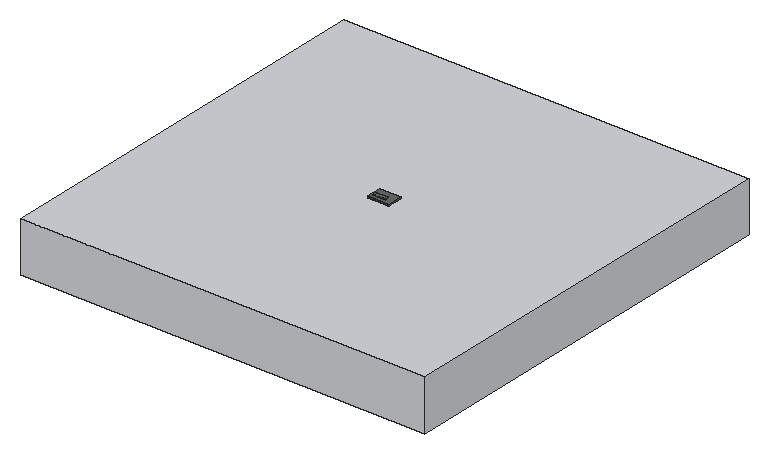
Revit family "Legrand_Hotel_UX_TOUCH_Porte_Badge", category Equipement électrique, Revit 2020
Family settings
  Hôte = Face
  Configuration du panneau = Deux colonnes, circuits au sein
  Cote de connecteur circulaire = Utiliser le diamètre
  Type d'élément = Tableau de raccordement
  Couper avec des vides une fois chargée = Non
  Partagée = Non
  Point de calcul de pièce = Non
Parameters (values of type "Porte Badge")
  Site web configurateur = "https://uxforupscalehotel.legrand.com"
  URL = "http://www.legrandoc.com/048771"
  Type de montage = "encastré"
  Temperature de stockage MIN-MAX (°C) = "-20-70"
  Temperature d'utilisation /d'installation MIN-MAX (°C) = "0-40"
  Support de montage Ref 048779 [instance] = yes
  Résistance aux chocs (IK) = "IK02"
  Programmable = yes
  Profondeur hors tout = 48 mm
  Profondeur d'encastrement = 30 mm
  Nombre de touches = 2
  Moyen de programmation = "Ordinateur "
  Modèle = "048771"
  Matériau = LEGRAND - Plastique noir
  Largeur hors tout = 129 mm
  built-in parameter 1140140 [instance] = 1 (stored number, unit not read)
  Hauteur hors tout = 93 mm
  Fréquence d'alimentation MIN-MAX (Hz) = "0-0"
  Finition de la surface = "brillant"
  Fabricant = "Legrand"
  Elévation par défaut = 1300 mm
  Description = "Commande à badge SCS"
  Couleur = "noir"
  built-in parameter 1140142 [instance] = -1
  Consommation en veille (mA) = 12
  Condition Générale d'Utilisation = "https://export.legrand.com/CGU-objets-BIM"
  Classe de protection (IP) = "IP20"
  built-in parameter 1155100 [instance] = -1
  Avec thermostat d'ambiance = no
  Avec affichage LED = yes
  Autres systèmes de bus = "autre"
  Adressable = yes
  Accessoire montage affleurant Ref 048788 [instance] = not(Support de montage Ref 048779)  # no
Types (3, lengths in mm): name | URL | Modèle | Description
  (no name) | "http://www.legrandoc.com/048771" | "048771" | "Commande à badge SCS"
  Porte Badge | "http://www.legrandoc.com/048771" | "048771" | "Commande à badge SCS"
  Porte Badge Discriminant | "http://www.legrandoc.com/048770" | "048770" | "Commande à badge discriminante SCS"
Reference planes
  plane 1 "Centre (avant/arrière)": y = 0
  plane 2: z = 0
  plane 3 "Centre (gauche/droite)": x = 0
Forms (mm)
  Extrusion 1, solid
    sketch origin (0, 0, 0) x (1, 0, 0) y (0, 1, 0)
      loop
        line (-1219.2, 1219.2) -> (-1219.2, -1219.2) -> (1219.2, -1219.2) -> (1219.2, 1219.2) -> (-1219.2, 1219.2)
    from 0 to -304.8
Dimensions and locks
  aligned and locked: plane 2 to Extrusion 1
  aligned and locked: level to Extrusion 1
Nested families
  nested 1: "TOUCH-Porte_Badge" at (0, 0, 0), type "TOUCH-Porte_Badge"
  nested 2: "Commande à badge SCS" at (0, 0, 0), type "Commande à badge SCS"
Connectors
  electrical at (0, 0, 0)
    settings: on nested 1, index 1, voltage 0 V, apparent load 0 VA, apparent load phase1 0 VA, apparent load phase2 0 VA, apparent load phase3 0 VA, power factor 1, load classification "Autre", number of poles 1, system type 30, power factor state 1, is connector primary yes, connector utility no, sub classification motor no, connector description ""
Definition of nested family "TOUCH-Porte_Badge"
  Parameters (values of type "TOUCH-Porte_Badge")
    Matériau = none
    Default Elevation = 0 mm
  Reference planes
    plane 1 "Centre (avant/arrière)": y = 0
    plane 2: z = 0
    plane 3 "Centre (gauche/droite)": x = 0
    plane 4: z = -5.9
    plane 5: z = -30.9
    plane 6: z = 18.1
    plane 7: x = 64.5
    plane 8: x = -64.5
    plane 9: y = 46.5
    plane 10: y = -46.5
    plane 11: x = 16.5
    plane 12: x = -16.5
    plane 13: z = 11.5
    plane 14: x = -49.5
    plane 15: x = 24.5
    plane 16: y = -21.5
    plane 17: x = 62.5
    plane 18: y = 44.5
    plane 19: x = -47.5
    plane 20: y = -6.794
  Forms (mm)
    Extrusion 1, solid, material <- "Matériau"
      sketch origin (0, 0, 0) x (0, -1, 0) y (1, 0, 0)
        loop
          line (-26.5, 26.5) -> (-26.5, -26.5) -> (26.5, -26.5) -> (26.5, 26.5) -> (-26.5, 26.5)
      from -5.9 to 0
    Extrusion 2, solid, material <- "Matériau"
      sketch origin (0, 0, 0) x (0, -1, 0) y (1, 0, 0)
        loop
          line (-16.5, 16.5) -> (-16.5, -16.5) -> (16.5, -16.5) -> (16.5, 16.5) -> (-16.5, 16.5)
      from -30.9 to -5.9
    Extrusion 3, solid, material <- "Matériau"
      sketch origin (0, 0, 0) x (1, 0, 0) y (0, 1, 0)
        loop
          line (-64.5, 46.5) -> (-64.5, -46.5) -> (64.5, -46.5) -> (64.5, 46.5) -> (-64.5, 46.5)
      from 0 to 11.5
    Sweep 4, void
      path origin (0, 0, 0) x (1, 0, 0) y (0, 1, 0)
        loop
          line (-64.5, 46.5) -> (-64.5, -46.5) -> (64.5, -46.5) -> (64.5, 46.5) -> (-64.5, 46.5)
      profile origin (0, 46.5, 0) x (0, 1, 0) y (0, 0, 1)
        loop
          arc (0, 11.5) -> (-1.004, 5.704) -> (-4.308, 0.837) r 13.947
          arc (-4.308, 0.837) -> (-5.255, 0.224) -> (-6.36, 0) r 3.03
          line (-6.36, 0) -> (-6.36, -5) -> (1.64, -5) -> (1.64, 11.5) -> (0, 11.5)
    Sweep 5, solid, material <- "Matériau"
      path origin (-25, 0, 0) x (-1, 0, 0) y (0, -1, 0)
        loop
          line (-49.5, 0) -> (24.5, 0)
      profile origin (-49.5, 0, 0) x (0, -1, 0) y (0, 0, 1)
        loop
          line (21.5, 11.5) -> (21.5, 14.8) -> (5, 18.1) -> (4.798, 17.09) -> (20.5, 13.949) -> (20.5, 12.5) -> (0, 12.5) -> (0, 11.5) -> (21.5, 11.5)
    Extrusion 6, void
      sketch origin (0, 0, 0) x (1, 0, 0) y (0, 1, 0)
        loop
          line (-47.5, -4.798) -> (-47.5, -2.71) -> (-50.941, -2.71) -> (-50.941, -6.794) -> (-49.5, -6.794)
          arc (-49.5, -6.794) -> (-48.913, -5.382) -> (-47.5, -4.798) r 2
      from 15.733 to 20.167
    Extrusion 7, void
      sketch origin (-25, 0, 0) x (-1, 0, 0) y (0, -1, 0)
        loop
          arc (-47.5, 4.798) -> (-48.913, 5.382) -> (-49.5, 6.794) r 2
          line (-49.5, 6.794) -> (-50.941, 6.794) -> (-50.941, 2.71) -> (-47.5, 2.71) -> (-47.5, 4.798)
      from 15.733 to 20.167
    Extrusion 8, void
      sketch origin (0, 4.798, 0) x (1, 0, 0) y (0, 1, 0)
        loop
          line (-47.5, -4.798) -> (-47.5, -2.71) -> (-50.941, -2.71) -> (-50.941, -6.794) -> (-49.5, -6.794)
          arc (-49.5, -6.794) -> (-48.913, -5.382) -> (-47.5, -4.798) r 2
      from 11.5 to 20.167
    Extrusion 9, void
      sketch origin (-25, 4.798, 0) x (-1, 0, 0) y (0, -1, 0)
        loop
          arc (-47.5, 4.798) -> (-48.913, 5.382) -> (-49.5, 6.794) r 2
          line (-49.5, 6.794) -> (-50.941, 6.794) -> (-50.941, 2.71) -> (-47.5, 2.71) -> (-47.5, 4.798)
      from 11.5 to 20.167
  Cuts and joins
    joined: Extrusion 1, Extrusion 2
    Sweep 4, Extrusion 6, Extrusion 9 cuts Extrusion 3
    Extrusion 6, Extrusion 7, Extrusion 8, Extrusion 9 cuts Sweep 5
  Lines and regions (mm)
    model lines
      curve 1: line (-49.5, 8.5, 0) -> (24.5, 8.5, 0)
  Dimensions and locks
    plane 8 to plane 7 = 129 mm
    plane 10 to plane 9 = 93 mm
    plane 12 to plane 11 = 33 mm
    plane 6 to plane 2 = 18.1 mm
    plane 5 to plane 4 to plane 2 to plane 6 = 25 mm, 5.9 mm, 18.1 mm
    plane 5 to plane 6 = 49 mm
    plane 2 to plane 13 = 11.5 mm
    plane 13 to plane 2 = 11.5 mm
    plane 10 to plane 16 to cut or joined group of Extrusion 1, Extrusion 2 = 25 mm, 5 mm
    aligned and locked: level to plane 2
Definition of nested family "Commande à badge SCS"
  Parameters (values of type "Commande à badge SCS")
    Matériau = none
    built-in parameter 1140140 [instance] = 1 (stored number, unit not read)
    Default Elevation = 0 mm
    built-in parameter 1140142 [instance] = -1
    built-in parameter 1155100 [instance] = -1
  Reference planes
    plane 1 "Centre (avant/arrière)": y = 0
    plane 2: z = 0
    plane 3 "Centre (gauche/droite)": x = 0
    plane 4: z = 11.5
    plane 5: x = -64.5
    plane 6: x = 64.5
    plane 7: y = 46.5
    plane 8: y = -46.5
  Lines and regions (mm)
    model lines
      curve 1: circle (44.5, 0, 11.5) r 4.251 normal (0, 0, 1)
      curve 2: arc (46, 1.751, 11.5) -> (44.5, 2.799, 11.5) -> (43, 1.751, 11.5) r 1.597
      curve 3: arc (44, -2.751, 11.5) -> (44.5, -3.262, 11.5) -> (45, -2.751, 11.5) r 0.5
      curve 4: arc (45.249, 30.25, 11.5) -> (43.249, 31.25, 11.5) -> (41.249, 30.25, 11.5) r 2.5
      curve 5: arc (47.4, 27.25, 11.5) -> (46.595, 26.676, 11.5) -> (46.249, 25.75, 11.5) r 1.69
      curve 6: arc (48.751, 25.75, 11.5) -> (48.405, 26.676, 11.5) -> (47.6, 27.25, 11.5) r 1.69
      curve 7: line (47.5, 3.012, 11.5) -> (41.5, -3.012, 11.5)
      curve 8: line (43, 1.751, 11.5) -> (42.5, -2.751, 11.5)
      curve 9: line (42.5, -2.751, 11.5) -> (46.5, -2.751, 11.5)
      curve 10: line (46.5, -2.751, 11.5) -> (46, 1.751, 11.5)
      curve 11: line (-15.5, 6.5, 11.5) -> (-12.5, 2.5, 11.5)
      curve 12: line (-12.5, 2.5, 11.5) -> (-9.5, 6.5, 11.5)
      curve 13: line (46.249, 30.25, 11.5) -> (40.249, 30.25, 11.5)
      curve 14: line (40.249, 30.25, 11.5) -> (41.749, 23.25, 11.5)
      curve 15: line (41.749, 23.25, 11.5) -> (44.749, 23.25, 11.5)
      curve 16: line (44.749, 23.25, 11.5) -> (46.249, 30.25, 11.5)
      curve 17: line (47.6, 27.25, 11.5) -> (47.6, 33.25, 11.5)
      curve 18: line (47.6, 33.25, 11.5) -> (47.4, 33.25, 11.5)
      curve 19: line (47.4, 33.25, 11.5) -> (47.4, 27.25, 11.5)
      curve 20: line (46.249, 25.75, 11.5) -> (46.249, 23.25, 11.5)
      curve 21: line (46.249, 23.25, 11.5) -> (48.751, 23.25, 11.5)
      curve 22: line (48.751, 23.25, 11.5) -> (48.751, 25.75, 11.5)
      curve 23: line (-15.5, 9.5, 11.5) -> (-12.5, 5.5, 11.5)
      curve 24: line (-12.5, 5.5, 11.5) -> (-9.5, 9.5, 11.5)
      curve 25: line (-15.5, 12.5, 11.5) -> (-12.5, 8.5, 11.5)
      curve 26: line (-12.5, 8.5, 11.5) -> (-9.5, 12.5, 11.5)
  Dimensions and locks
    plane 5 to plane 6 = 129 mm
    plane 8 to plane 7 = 93 mm
    aligned and locked: level to plane 2
